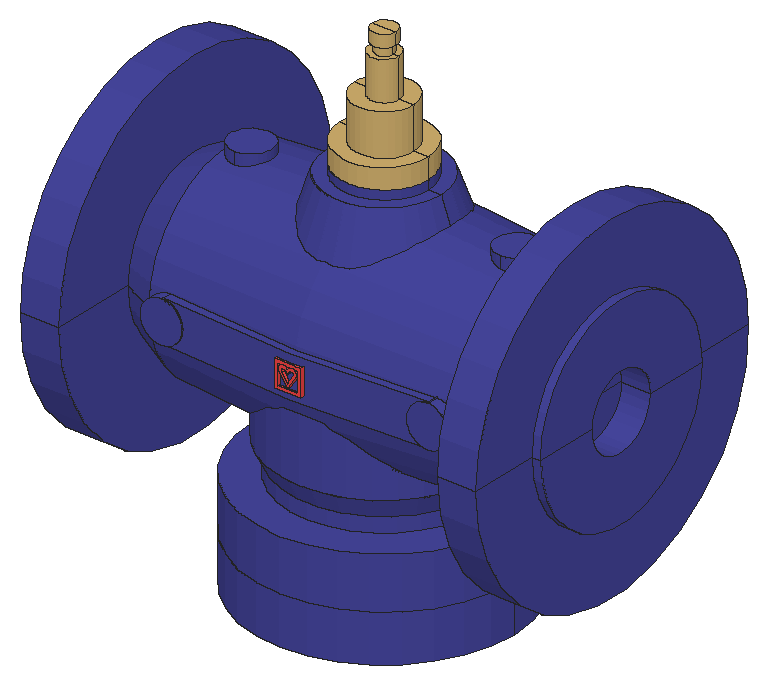
Revit family "Клапан проходной регулирующий, фланцевый F 4035_PN16", category Rohrzubehör, Revit 2021
Family settings
  Bemaßung runder Anschluss = Durchmesser verwenden
  Teiletyp = Unterbricht
  OmniClass-Nummer = 23.65.55.14
  OmniClass-Titel = Valves for Liquid Services
  Arbeitsebenenbasiert = Nein
  Immer vertikal = Ja
  Beim Laden mit Abzugskörper schneiden = Nein
  Gemeinsam genutzt = Nein
Parameters (values of type "kvs6.3")
  Среда = "Качество очистки воды должно соответствовать нормам ÖNORM H 5195 и VDI 2035 стандартам."
  Номер заказа [instance] = if(and(kvs1, Nennweite = 15 mm), 403501, if(and(kvs1.6, Nennweite = 15 mm), 403511, if(and(kvs2.5, Nennweite = 15 mm), 403521, if(and(kvs4, Nennweite = 15 mm), 403531, if(and(kvs6.3, Nennweite = 25 mm), 403503, if(and(kvs10, Nennweite = 25 mm), 403513, if(and(kvs16, Nennweite = 32 mm), 403504, if(and(kvs25, Nennweite = 40 mm), 403505, if(and(kvs40, Nennweite = 50 mm), 403516, if(and(kvs63, Nennweite = 65 mm), 403507, if(and(kvs100, Nennweite = 80 mm), 403508, if(and(kvs160, Nennweite = 100 mm), 403509, if(and(kvs250, Nennweite = 125 mm), 403510, if(and(kvs330, Nennweite = 150 mm), 403541, 0))))))))))))))  # 403503
  Вес [instance] = size_lookup("4035_PN16", "Gewicht", 25, Nennweite)  # 8
  kvs63 = no
  kvs6.3 = yes
  kvs40 = no
  kvs4 = no
  kvs330 = no
  kvs250 = no
  kvs25 = no
  kvs2.5 = no
  kvs160 = no
  kvs16 = no
  kvs100 = no
  kvs10 = no
  kvs1.6 = no
  kvs1 = no
  Седло клапана = "WN1.4021"  # constant formula
  Конус клапана = "WN1.4021/латунь"  # constant formula
  Пропускная характеристика клапана = "равнопроцентная"  # constant formula
  Vorgabe-Ansicht = 0 mm
  URL = "www.herz-armaturen.ru"
  Шток = "WN1.4404"  # constant formula
  SCTWSEQ = "FW;SBT_TYP_FW=\"101\";2"
  SCTWCODE = "04;05;02"  # constant formula
  SCRNSEQ = "ARM;ARM_TYP=\"DURR\";2"
  SCRNCODE = "05;06;02"  # constant formula
  R14 = 4 mm  # constant formula
  R13 = 3 mm  # constant formula
  R12 = 5 mm  # constant formula
  R11 [instance] = size_lookup("4035_PN16", "R11", 18 mm, Nennweite)  # 10 mm
  R10 [instance] = size_lookup("4035_PN16", "R10", 23 mm, Nennweite)  # 15 mm
  R09 [instance] = size_lookup("4035_PN16", "R9", 49 mm, Nennweite)  # 19.5 mm
  R08 [instance] = R00 + 3 mm  # 41 mm
  R07 [instance] = size_lookup("4035_PN16", "R7", 15.5 mm, Nennweite)  # 7 mm
  R06 [instance] = size_lookup("4035_PN16", "R6", 15.5 mm, Nennweite)  # 7 mm
  R05 [instance] = size_lookup("4035_PN16", "R5", 62.5 mm, Nennweite)  # 35.5 mm
  R04 [instance] = size_lookup("4035_PN16", "R4", 59.5 mm, Nennweite)  # 32.5 mm
  R03 [instance] = size_lookup("4035_PN16", "R3", 43 mm, Nennweite)  # 44 mm
  R02 [instance] = size_lookup("4035_PN16", "R2", 43 mm, Nennweite)  # 19.5 mm
  R01 [instance] = size_lookup("4035_PN16", "R1", 55.5 mm, Nennweite)  # 28.5 mm
  R00 [instance] = size_lookup("4035_PN16", "R", 65 mm, Nennweite)  # 38 mm
  PN = 16  # constant formula
  Nennweite [instance] = 25 mm
  Мин. рабочая температура = 5 °C  # constant formula
  Макс. рабочая температура = 150 °C  # constant formula
  Макс. рабочее давление = 1600000.0 Pa  # constant formula
  LO1 [instance] = size_lookup("4035_PN16", "LO1", 28.5 mm, Nennweite)  # 40 mm
  L07 [instance] = L06 - R06  # 45 mm
  L06 [instance] = size_lookup("4035_PN16", "L6", 110 mm, Nennweite)  # 52 mm
  L05 [instance] = D00  # 57.5 mm
  L03 = 10 mm  # constant formula
  L02 [instance] = size_lookup("4035_PN16", "L2", 15 mm, Nennweite)  # 13 mm
  L01 = 3 mm  # constant formula
  L00 [instance] = size_lookup("4035_PN16", "L", 145 mm, Nennweite)  # 80 mm
  Hersteller = "Herz-Armaturen GmbH"  # constant formula
  H18 [instance] = 17.5 mm  # constant formula
  H15 = 4 mm  # constant formula
  H14 [instance] = size_lookup("4035_PN16", "H14", 17 mm, Nennweite)  # 13 mm
  H13 [instance] = size_lookup("4035_PN16", "H13", 18 mm, Nennweite)  # 14 mm
  H12 [instance] = size_lookup("4035_PN16", "H12", 10.5 mm, Nennweite)  # 6.8 mm
  H11 [instance] = size_lookup("4035_PN16", "H11", 52.5 mm, Nennweite)  # 40.8 mm
  H10 [instance] = size_lookup("4035_PN16", "H10", 135.4 mm, Nennweite)  # 88.3 mm
  H09 = 3 mm  # constant formula
  H08 [instance] = size_lookup("4035_PN16", "H8", 79 mm, Nennweite)  # 44.5 mm
  H07 [instance] = R00  # 38 mm
  H06 [instance] = size_lookup("4035_PN16", "H6", 59 mm, Nennweite)  # 35 mm
  H05 [instance] = size_lookup("4035_PN16", "H5", 20 mm, Nennweite)  # 5 mm
  H04 [instance] = size_lookup("4035_PN16", "H4", 17 mm, Nennweite)  # 15 mm
  H02 [instance] = size_lookup("4035_PN16", "H2", 38 mm, Nennweite)  # 3 mm
  H03 [instance] = size_lookup("4035_PN16", "H3", 112 mm, Nennweite)  # 64 mm
  H01 [instance] = size_lookup("4035_PN16", "H1", 14 mm, Nennweite)  # 16 mm
  Корпус = "EN-GJL-250 (EN 1561)"  # constant formula
  Материал уплотнения = "70EPDM"  # constant formula
  DN80 [instance] = Nennweite = 80 mm  # no
  DN65 [instance] = Nennweite = 65 mm  # no
  DN50 [instance] = Nennweite = 50 mm  # no
  DN40 [instance] = Nennweite = 40 mm  # no
  DN32 [instance] = Nennweite = 32 mm  # no
  DN25 [instance] = Nennweite = 25 mm  # yes
  DN150 [instance] = Nennweite = 150 mm  # no
  DN15 [instance] = Nennweite = 15 mm  # no
  DN125 [instance] = Nennweite = 125 mm  # no
  DN100 [instance] = Nennweite = 100 mm  # no
  D02 [instance] = Nennweite / 2  # 12.5 mm
  D01 [instance] = size_lookup("4035_PN16", "D1", 61 mm, Nennweite)  # 34 mm
  D00 [instance] = size_lookup("4035_PN16", "D", 92.5 mm, Nennweite)  # 57.5 mm
  Description = ""
  Область применения = "Клапан может использоваться в системах отопления, вентиляции и кондиционирования воздуха, в производственных и технологических процессах. Пропускная характеристика клапана - равнопроцентная. Соотношение регулирования (соотношение между пропускной способностью при номинальной высоте хода Kvs и минимальным значением пропускной способности, при которой погрешность регулирования находится в пределах номинального допуска Kvmin) - 30. Выбор проходного фланцевого клапана осущетвляется в соответствии с диаграммой значений kvs."
  Фланцевое соединение = "EN 1092-2"  # constant formula
Types (15, lengths in mm): name | Номер заказа | Вес | kvs63 | kvs6.3 | kvs40 | kvs4 | kvs330 | kvs250 | kvs25 | kvs2.5 | kvs160 | kvs16 | kvs100 | kvs10 | kvs1.6 | kvs1 | R11 | R10 | R09 | R08 | R07 | R06 | R05 | R04 | R03 | R02 | R01 | R00 | Nennweite | LO1 | L07 | L06 | L05 | L02 | L00 | H14 | H13 | H12 | H11 | H10 | H08 | H07 | H06 | H05 | H04 | H02 | H03 | H01 | DN80 | DN50 | DN40 | DN32 | DN25 | DN150 | DN15 | DN125 | DN100 | D02 | D01 | D00
  (no name) | 403503 | 8 | no | yes | no | no | no | no | no | no | no | no | no | no | no | no | 10 | 15 | 19.5 | 41 | 7 | 7 | 35.5 | 32.5 | 44 | 19.5 | 28.5 | 38 | 25 | 40 | 45 | 52 | 57.5 | 13 | 80 | 13 | 14 | 6.8 | 40.8 | 88.3 | 44.5 | 38 | 35 | 5 | 15 | 3 | 64 | 16 | no | no | no | no | yes | no | no | no | no | 12.5 | 34 | 57.5
  kvs1 | 403501 | 5 | no | no | no | no | no | no | no | no | no | no | no | no | no | yes | 10 | 15 | 19.5 | 29.5 | 6 | 6 | 24 | 21 | 32.5 | 14 | 17 | 26.5 | 15 | 27.5 | 34 | 40 | 47.5 | 11 | 65 | 13 | 14 | 6.8 | 40.8 | 80.3 | 36.5 | 26.5 | 24.5 | 5 | 13 | 11 | 49 | 14 | no | no | no | no | no | no | yes | no | no | 7.5 | 22.5 | 47.5
  kvs1.6 | 403511 | 5 | no | no | no | no | no | no | no | no | no | no | no | no | yes | no | 10 | 15 | 19.5 | 29.5 | 6 | 6 | 24 | 21 | 32.5 | 14 | 17 | 26.5 | 15 | 27.5 | 34 | 40 | 47.5 | 11 | 65 | 13 | 14 | 6.8 | 40.8 | 80.3 | 36.5 | 26.5 | 24.5 | 5 | 13 | 11 | 49 | 14 | no | no | no | no | no | no | yes | no | no | 7.5 | 22.5 | 47.5
  kvs2.5 | 403521 | 5 | no | no | no | no | no | no | no | yes | no | no | no | no | no | no | 10 | 15 | 19.5 | 29.5 | 6 | 6 | 24 | 21 | 32.5 | 14 | 17 | 26.5 | 15 | 27.5 | 34 | 40 | 47.5 | 11 | 65 | 13 | 14 | 6.8 | 40.8 | 80.3 | 36.5 | 26.5 | 24.5 | 5 | 13 | 11 | 49 | 14 | no | no | no | no | no | no | yes | no | no | 7.5 | 22.5 | 47.5
  kvs4 | 403531 | 5 | no | no | no | yes | no | no | no | no | no | no | no | no | no | no | 10 | 15 | 19.5 | 29.5 | 6 | 6 | 24 | 21 | 32.5 | 14 | 17 | 26.5 | 15 | 27.5 | 34 | 40 | 47.5 | 11 | 65 | 13 | 14 | 6.8 | 40.8 | 80.3 | 36.5 | 26.5 | 24.5 | 5 | 13 | 11 | 49 | 14 | no | no | no | no | no | no | yes | no | no | 7.5 | 22.5 | 47.5
  kvs6.3 | 403503 | 8 | no | yes | no | no | no | no | no | no | no | no | no | no | no | no | 10 | 15 | 19.5 | 41 | 7 | 7 | 35.5 | 32.5 | 44 | 19.5 | 28.5 | 38 | 25 | 40 | 45 | 52 | 57.5 | 13 | 80 | 13 | 14 | 6.8 | 40.8 | 88.3 | 44.5 | 38 | 35 | 5 | 15 | 3 | 64 | 16 | no | no | no | no | yes | no | no | no | no | 12.5 | 34 | 57.5
  kvs10 | 403513 | 8 | no | no | no | no | no | no | no | no | no | no | no | yes | no | no | 10 | 15 | 19.5 | 41 | 7 | 7 | 35.5 | 32.5 | 44 | 19.5 | 28.5 | 38 | 25 | 40 | 45 | 52 | 57.5 | 13 | 80 | 13 | 14 | 6.8 | 40.8 | 88.3 | 44.5 | 38 | 35 | 5 | 15 | 3 | 64 | 16 | no | no | no | no | yes | no | no | no | no | 12.5 | 34 | 57.5
  kvs16 | 403504 | 11.5 | no | no | no | no | no | no | no | no | no | yes | no | no | no | no | 10 | 15 | 20.5 | 46 | 9 | 9 | 40.5 | 37.5 | 49 | 24.5 | 33.5 | 43 | 32 | 45 | 51 | 60 | 70 | 13 | 90 | 17 | 18 | 10.5 | 52.5 | 102 | 46.5 | 43 | 39 | 15 | 15 | 4 | 84 | 16 | no | no | no | yes | no | no | no | no | no | 16 | 39 | 70
  kvs25 | 403505 | 13 | no | no | no | no | no | no | yes | no | no | no | no | no | no | no | 10 | 15 | 20.5 | 51 | 12 | 12 | 45.5 | 42.5 | 54 | 29 | 38.5 | 48 | 40 | 50 | 56 | 68 | 75 | 13 | 100 | 17 | 18 | 10.5 | 52.5 | 112 | 56.5 | 48 | 43 | 20 | 15 | 1 | 94 | 16 | no | no | yes | no | no | no | no | no | no | 20 | 44 | 75
  kvs63 | 0 | 16 | yes | no | no | no | no | no | no | no | no | no | no | no | no | no | 18 | 23 | 49 | 56 | 13.5 | 13.5 | 52.5 | 49.5 | 61 | 34 | 45.5 | 53 | 50 | 56 | 66.5 | 80 | 82.5 | 15 | 115 | 17 | 18 | 10.5 | 52.5 | 122 | 66.5 | 53 | 43 | 1 | 15 | 42 | 67 | 18 | no | yes | no | no | no | no | no | no | no | 25 | 51 | 82.5
  kvs100 | 403508 | 31 | no | no | no | no | no | no | no | no | no | no | yes | no | no | no | 18 | 23 | 49 | 76 | 15.5 | 15.5 | 70.5 | 67.5 | 79 | 51 | 63.5 | 73 | 80 | 77 | 99.5 | 115 | 100 | 17 | 155 | 17 | 18 | 10.5 | 52.5 | 168.5 | 113 | 73 | 65 | 20 | 19 | 46 | 125 | 20 | yes | no | no | no | no | no | no | no | no | 40 | 69 | 100
  kvs160 | 403509 | 46 | no | no | no | no | no | no | no | no | yes | no | no | no | no | no | 30 | 35 | 61 | 86 | 20.5 | 20.5 | 80.5 | 77.5 | 89 | 61 | 73.5 | 83 | 100 | 88 | 112.5 | 133 | 110 | 17 | 175 | 21 | 22 | 14.2 | 64.2 | 189.7 | 122.5 | 83 | 73 | 25 | 19 | 65 | 135 | 20 | no | no | no | no | no | no | no | no | yes | 50 | 79 | 110
  kvs250 | 403510 | 72 | no | no | no | no | no | yes | no | no | no | no | no | no | no | no | 30 | 35 | 61 | 101 | 20.5 | 20.5 | 95.5 | 92.5 | 104 | 76 | 88.5 | 98 | 125 | 103 | 134.5 | 155 | 125 | 19 | 200 | 21 | 22 | 14.2 | 64.2 | 231 | 163.5 | 98 | 80 | 30 | 21 | 44 | 158 | 21 | no | no | no | no | no | no | no | yes | no | 62.5 | 94 | 125
  kvs330 | 403541 | 91 | no | no | no | no | yes | no | no | no | no | no | no | no | no | no | 30 | 35 | 61 | 113 | 20.5 | 20.5 | 107.5 | 104.5 | 116 | 88 | 100.5 | 110 | 150 | 115 | 174.5 | 195 | 142.5 | 19 | 240 | 21 | 22 | 14.2 | 64.2 | 237.5 | 170 | 110 | 85 | 25 | 21 | 42 | 153 | 21 | no | no | no | no | no | yes | no | no | no | 75 | 106 | 142.5
  Kvs40 | 403516 | 16 | no | no | yes | no | no | no | no | no | no | no | no | no | no | no | 18 | 23 | 49 | 56 | 13.5 | 13.5 | 52.5 | 49.5 | 61 | 34 | 45.5 | 53 | 50 | 56 | 66.5 | 80 | 82.5 | 15 | 115 | 17 | 18 | 10.5 | 52.5 | 122 | 66.5 | 53 | 43 | 1 | 15 | 42 | 67 | 18 | no | yes | no | no | no | no | no | no | no | 25 | 51 | 82.5
Reference planes
  plane 1 "Mitte (Vorne/hinten)": y = 0
  plane 2: z = 0
  plane 3 "Mitte (Links/rechts)": x = 0
Forms (mm)
  Revolve 1, solid, material "kunststoff-BLAU", detail levels fine
    sketch origin (1065, 0, 0) x (1, 0, 0) y (0, 1, 0)
      loop
        line (-1142, 34) -> (-1145, 34) -> (-1145, 12.5) -> (-1135, 12.5) -> (-1135, 0) -> (-995, 0) -> (-995, 12.5) -> (-985, 12.5) -> (-985, 34) -> (-988, 34) -> (-988, 57.5) -> (-1001, 57.5) -> (-1001, 28.5) -> (-1013, 34.447)
        arc (-1013, 34.447) -> (-1065, 38) -> (-1117, 34.447) r 382.331
        line (-1117, 34.447) -> (-1129, 28.5) -> (-1129, 57.5) -> (-1142, 57.5) -> (-1142, 34)
      axis (-985, 0) -> (-1145, 0)
    angle from 0 to 360
  Extrusion 2, solid, material "kunststoff-BLAU", detail levels fine
    sketch origin (0, 0, 0) x (-1, 0, 0) y (0, 0, -1)
      loop
        circle (45, 0) r 7
      loop
        circle (-45, 0) r 7
    from -38 to 38
  Extrusion 3, solid, material "kunststoff-BLAU", visible <- "DN65", detail levels fine
    sketch origin (0, 0, 0) x (1, 0, 0) y (0, 1, 0)
      loop
        arc (-95, -56.907) -> (0, -68) -> (95, -56.907) r 412.331
        line (95, -56.907) -> (95, 56.907)
        arc (95, 56.907) -> (0, 68) -> (-95, 56.907) r 412.331
        line (-95, 56.907) -> (-95, -56.907)
    from -15.5 to 15.5
  Revolve 4, solid, material "kunststoff-BLAU", detail levels fine
    sketch origin (0, 0, 0) x (1, 0, 0) y (0, 0, 1)
      loop
        line (-19.5, 44.5) -> (-35.5, 0) -> (0, 0) -> (0, 47.5) -> (-15, 47.5) -> (-15, 44.5) -> (-19.5, 44.5)
      axis (0, 47.5) -> (0, 0)
    angle from 0 to 360
  Revolve 5, solid, material "kunststoff-BLAU", detail levels fine
    sketch origin (0, 0, 0) x (1, 0, 0) y (0, 0, 1)
      loop
        line (0, 0) -> (-35.5, 0) -> (-35.5, -35) -> (-32.5, -41.5) -> (-32.5, -46.5) -> (-44, -46.5) -> (-44, -64) -> (0, -64) -> (0, 0)
      axis (0, 0) -> (0, -64)
    angle from 0 to 360
  Revolve 6, solid, material "kunststoff-BLAU", detail levels fine
    sketch origin (0, 0, 0) x (1, 0, 0) y (0, 0, 1)
      loop
        line (0, -64) -> (-44, -64) -> (-44, -80) -> (0, -80) -> (0, -64)
      axis (0, -64) -> (0, -80)
    angle from 0 to 360
  Extrusion 7, solid, material "kunststoff-BLAU", detail levels fine
    sketch origin (0, 0, 0) x (0, -1, 0) y (1, 0, 0)
      loop
        circle (0, -45) r 7
      loop
        circle (0, 45) r 7
    from -38 to 38
  Extrusion 8, solid, material "kunststoff-BLAU", visible <- "DN150", detail levels fine
    sketch origin (0, 0, 0) x (1, 0, 0) y (0, 1, 0)
      loop
        arc (-179.5, -78.475) -> (0, -115) -> (179.5, -78.475) r 459.331
        line (179.5, -78.475) -> (179.5, 78.475)
        arc (179.5, 78.475) -> (0, 115) -> (-179.5, 78.475) r 459.331
        line (-179.5, 78.475) -> (-179.5, -78.475)
    from -20.5 to 20.5
  Extrusion 9, solid, material "kunststoff-BLAU", visible <- "DN125", detail levels fine
    sketch origin (0, 0, 0) x (1, 0, 0) y (0, 1, 0)
      loop
        arc (-134.5, -82.301) -> (0, -103) -> (134.5, -82.301) r 447.331
        line (134.5, -82.301) -> (134.5, 82.301)
        arc (134.5, 82.301) -> (0, 103) -> (-134.5, 82.301) r 447.331
        line (-134.5, 82.301) -> (-134.5, -82.301)
    from -20.5 to 20.5
  Extrusion 10, solid, material "kunststoff-BLAU", visible <- "DN100", detail levels fine
    sketch origin (0, 0, 0) x (1, 0, 0) y (0, 1, 0)
      loop
        arc (-112.5, -73.106) -> (0, -88) -> (112.5, -73.106) r 432.331
        line (112.5, -73.106) -> (112.5, 73.106)
        arc (112.5, 73.106) -> (0, 88) -> (-112.5, 73.106) r 432.331
        line (-112.5, 73.106) -> (-112.5, -73.106)
    from -20.5 to 20.5
  Extrusion 11, solid, material "kunststoff-BLAU", visible <- "DN80", detail levels fine
    sketch origin (0, 0, 0) x (1, 0, 0) y (0, 1, 0)
      loop
        line (99.5, -65.083) -> (99.5, 65.083)
        arc (99.5, 65.083) -> (0, 77) -> (-99.5, 65.083) r 421.331
        line (-99.5, 65.083) -> (-99.5, -65.083)
        arc (-99.5, -65.083) -> (0, -77) -> (99.5, -65.083) r 421.331
    from -15.5 to 15.5
  Extrusion 12, solid, material "kunststoff-BLAU", visible <- "DN50", detail levels fine
    sketch origin (0, 0, 0) x (1, 0, 0) y (0, 1, 0)
      loop
        arc (-66.5, -50.44) -> (0, -56.006) -> (66.5, -50.44) r 400.05
        line (66.5, -50.44) -> (66.5, 50.44)
        arc (66.5, 50.44) -> (0, 56.006) -> (-66.5, 50.44) r 400.05
        line (-66.5, 50.44) -> (-66.5, -50.44)
    from -13.5 to 13.5
  Extrusion 13, solid, material "kunststoff-BLAU", visible <- "DN40", detail levels fine
    sketch origin (0, 0, 0) x (1, 0, 0) y (0, 1, 0)
      loop
        arc (-56, -46.003) -> (0, -50) -> (56, -46.003) r 394.331
        line (56, -46.003) -> (56, 46.003)
        arc (56, 46.003) -> (0, 50) -> (-56, 46.003) r 394.331
        line (-56, 46.003) -> (-56, -46.003)
    from -12 to 12
  Extrusion 14, solid, material "kunststoff-BLAU", visible <- "DN32", detail levels fine
    sketch origin (0, 0, 0) x (1, 0, 0) y (0, 1, 0)
      loop
        arc (-51, -41.645) -> (0, -45) -> (51, -41.645) r 389.331
        line (51, -41.645) -> (51, 41.645)
        arc (51, 41.645) -> (0, 45) -> (-51, 41.645) r 389.331
        line (-51, 41.645) -> (-51, -41.645)
    from -9 to 9
  Extrusion 15, solid, material "kunststoff-BLAU", visible <- "DN25", detail levels fine
    sketch origin (0, 0, 0) x (1, 0, 0) y (0, 1, 0)
      loop
        line (45, -37.356) -> (45, 37.356)
        arc (45, 37.356) -> (0, 40) -> (-45, 37.356) r 384.331
        line (-45, 37.356) -> (-45, -37.356)
        arc (-45, -37.356) -> (0, -40) -> (45, -37.356) r 384.331
    from -7 to 7
  Extrusion 16, solid, material "kunststoff-BLAU", visible <- "DN15", detail levels fine
    sketch origin (0, 0, 0) x (1, 0, 0) y (0, 1, 0)
      loop
        line (-34, 25.942) -> (-34, -25.942)
        arc (-34, -25.942) -> (0, -27.5) -> (34, -25.942) r 371.831
        line (34, -25.942) -> (34, 25.942)
        arc (34, 25.942) -> (0, 27.5) -> (-34, 25.942) r 371.831
    from -6 to 6
  Revolve 17, solid, material "Messing-poliert", detail levels fine
    sketch origin (0, 0, 0) x (1, 0, 0) y (0, 0, 1)
      loop
        line (-15, 54.3) -> (-15, 47.5) -> (0, 47.5) -> (0, 88.3) -> (-4, 88.3) -> (-4, 84.3) -> (-3, 84.3) -> (-3, 81.3) -> (-5, 81.3) -> (-5, 68.3) -> (-10, 68.3) -> (-10, 54.3) -> (-15, 54.3)
      axis (0, 88.3) -> (0, 47.5)
    angle from 0 to 360
Lines and regions (mm)
  model lines, detail levels coarse+medium
    curve 1: line (80, 0, 57.5) -> (80, 0, -57.5)
    curve 2: line (80, 0, -57.5) -> (-80, 0, 57.5)
    curve 3: line (-80, 0, 57.5) -> (-80, 0, -57.5)
    curve 4: line (-80, 0, -57.5) -> (80, 0, 57.5)
    curve 5: line (80, 57.5, 0) -> (80, -57.5, 0)
    curve 6: line (80, -57.5, 0) -> (-80, 57.5, 0)
    curve 7: line (-80, 57.5, 0) -> (-80, -57.5, 0)
    curve 8: line (-80, -57.5, 0) -> (80, 57.5, 0)
Dimensions and locks
  "L00": Revolve 1 sketch curve to plane 3 "Mitte (Links/rechts)" to Revolve 1 sketch curve
  "D00": plane 1 "Mitte (Vorne/hinten)" to Revolve 1 sketch curve  (x2)
  "D02": plane 1 "Mitte (Vorne/hinten)" to Revolve 1 sketch curve  (x2)
  "L01": Revolve 1 sketch curve to Revolve 1 sketch curve  (x2)
  "L02": Revolve 1 sketch curve to Revolve 1 sketch curve  (x2)
  "D01": plane 1 "Mitte (Vorne/hinten)" to Revolve 1 sketch curve  (x2)
  "R01": plane 1 "Mitte (Vorne/hinten)" to Revolve 1 sketch curve  (x2)
  "R00": Revolve 1 sketch curve to Revolve 1 sketch curve
  "L03": Revolve 1 sketch curve to Revolve 1 sketch curve  (x2)
  "H01": Revolve 6 sketch curve to Revolve 6 sketch curve
  "R03": plane 3 "Mitte (Links/rechts)" to Revolve 6 sketch curve
  "R03": Revolve 5 sketch curve to Revolve 5 sketch curve
  "H03": plane 2 to Revolve 5 sketch curve
  "H06": Revolve 5 sketch curve to Revolve 5 sketch curve
  "R04": Revolve 5 sketch curve to Revolve 5 sketch curve
  "R05": Revolve 5 sketch curve to Revolve 5 sketch curve
  "H05": Revolve 5 sketch curve to Revolve 5 sketch curve
  "L06": Revolve 1 sketch curve to plane 3 "Mitte (Links/rechts)" to Revolve 1 sketch curve
  "H03": plane 2 to Revolve 6 sketch curve
  "R09": Revolve 4 sketch curve to Revolve 4 sketch curve
  "R05": Revolve 4 sketch curve to Revolve 4 sketch curve
  "H07": Extrusion 7 to plane 2 to Extrusion 7  (x2)
  "L07": plane 3 "Mitte (Links/rechts)" to Extrusion 7 sketch curve
  "L07": Extrusion 7 sketch curve to plane 3 "Mitte (Links/rechts)"
  "H07": Extrusion 2 to plane 1 "Mitte (Vorne/hinten)"  (x3)
  "L07": plane 3 "Mitte (Links/rechts)" to Extrusion 2 sketch curve
  "L07": Extrusion 2 sketch curve to plane 3 "Mitte (Links/rechts)"
  "H07": plane 1 "Mitte (Vorne/hinten)" to Extrusion 2
  "H08": Revolve 4 sketch curve to plane 2
  "H09": Revolve 4 sketch curve to Revolve 4 sketch curve
  "R10": plane 3 "Mitte (Links/rechts)" to Revolve 4 sketch curve
  "H11": Revolve 17 sketch curve to Revolve 17 sketch curve
  "H10": Revolve 17 sketch curve to plane 2
  "R10": plane 3 "Mitte (Links/rechts)" to Revolve 17 sketch curve
  "H12": Revolve 17 sketch curve to Revolve 17 sketch curve
  "H13": Revolve 17 sketch curve to Revolve 17 sketch curve
  "H14": Revolve 17 sketch curve to Revolve 17 sketch curve
  "H15": Revolve 17 sketch curve to Revolve 17 sketch curve
  "R14": plane 3 "Mitte (Links/rechts)" to Revolve 17 sketch curve
  "R13": plane 3 "Mitte (Links/rechts)" to Revolve 17 sketch curve
  "R11": plane 3 "Mitte (Links/rechts)" to Revolve 17 sketch curve
  "R12": plane 3 "Mitte (Links/rechts)" to Revolve 17 sketch curve
  "LO1": nested 1 to plane 1 "Mitte (Vorne/hinten)"
  "H18": Revolve 5 sketch curve to Revolve 6
  "D00": curve 3 to plane 2 to curve 4
  "D00": curve 4 to plane 2 to curve 2
  "L00": curve 3 to plane 3 "Mitte (Links/rechts)" to curve 1
  "D00": curve 8 to plane 1 "Mitte (Vorne/hinten)" to curve 7
  "D00": curve 5 to plane 1 "Mitte (Vorne/hinten)" to curve 8
  "L00": curve 7 to plane 3 "Mitte (Links/rechts)" to curve 5
  "R06": radius of Extrusion 7 sketch curve  (x2)
  "R07": radius of Extrusion 2 sketch curve  (x2)
  aligned and locked: level to plane 2
Automatic sketch dimensions
  Extrusion 3 sketch curve to plane 1 "Mitte (Vorne/hinten)" = 56.907 mm  (x2)
  Extrusion 3 sketch curve to plane 3 "Mitte (Links/rechts)" = 0 mm  (x2)
  Extrusion 3 sketch curve to Extrusion 3 sketch curve = 113.814 mm
  Extrusion 3 sketch curve to Extrusion 3 sketch curve = 287.425 mm
  Extrusion 3 sketch curve to plane 1 "Mitte (Vorne/hinten)" = 344.331 mm
  plane 3 "Mitte (Links/rechts)" to Extrusion 3 sketch curve = 95 mm
  Extrusion 8 sketch curve to plane 3 "Mitte (Links/rechts)" = 0 mm  (x2)
  Extrusion 8 sketch curve to plane 1 "Mitte (Vorne/hinten)" = 78.475 mm  (x2)
  plane 1 "Mitte (Vorne/hinten)" to Extrusion 8 sketch curve = 78.475 mm
  Extrusion 8 sketch curve to plane 3 "Mitte (Links/rechts)" = 179.5 mm
  Extrusion 8 sketch curve to Extrusion 8 sketch curve = 265.857 mm
  Extrusion 8 sketch curve to plane 1 "Mitte (Vorne/hinten)" = 344.331 mm
  plane 3 "Mitte (Links/rechts)" to Extrusion 9 sketch curve = 134.5 mm
  plane 1 "Mitte (Vorne/hinten)" to Extrusion 9 sketch curve = 82.301 mm  (x2)
  Extrusion 9 sketch curve to plane 3 "Mitte (Links/rechts)" = 0 mm  (x2)
  Extrusion 9 sketch curve to Extrusion 9 sketch curve = 262.031 mm  (x2)
  Extrusion 9 sketch curve to plane 1 "Mitte (Vorne/hinten)" = 82.301 mm
  Extrusion 10 sketch curve to plane 3 "Mitte (Links/rechts)" = 0 mm  (x2)
  plane 1 "Mitte (Vorne/hinten)" to Extrusion 10 sketch curve = 73.106 mm
  Extrusion 10 sketch curve to plane 3 "Mitte (Links/rechts)" = 112.5 mm
  Extrusion 10 sketch curve to Extrusion 10 sketch curve = 271.225 mm
  Extrusion 10 sketch curve to plane 1 "Mitte (Vorne/hinten)" = 344.331 mm
  Extrusion 10 sketch curve to plane 1 "Mitte (Vorne/hinten)" = 73.106 mm  (x2)
  Extrusion 11 sketch curve to plane 3 "Mitte (Links/rechts)" = 0 mm  (x2)
  plane 1 "Mitte (Vorne/hinten)" to Extrusion 11 sketch curve = 65.083 mm  (x2)
  Extrusion 11 sketch curve to plane 3 "Mitte (Links/rechts)" = 99.5 mm
  Extrusion 11 sketch curve to Extrusion 11 sketch curve = 279.249 mm
  Extrusion 11 sketch curve to plane 1 "Mitte (Vorne/hinten)" = 344.331 mm
  Extrusion 11 sketch curve to plane 1 "Mitte (Vorne/hinten)" = 65.083 mm
  Extrusion 12 sketch curve to plane 3 "Mitte (Links/rechts)" = 0 mm  (x2)
  Extrusion 12 sketch curve to plane 3 "Mitte (Links/rechts)" = 66.5 mm
  plane 3 "Mitte (Links/rechts)" to Extrusion 12 sketch curve = 66.5 mm
  plane 1 "Mitte (Vorne/hinten)" to Extrusion 12 sketch curve = 344.044 mm
  plane 1 "Mitte (Vorne/hinten)" to Extrusion 12 sketch curve = 50.44 mm
  Extrusion 12 sketch curve to plane 1 "Mitte (Vorne/hinten)" = 50.44 mm
  Extrusion 12 sketch curve to Extrusion 12 sketch curve = 293.604 mm
  Extrusion 13 sketch curve to plane 3 "Mitte (Links/rechts)" = 0 mm  (x2)
  Extrusion 13 sketch curve to plane 3 "Mitte (Links/rechts)" = 56 mm
  plane 3 "Mitte (Links/rechts)" to Extrusion 13 sketch curve = 56 mm
  plane 1 "Mitte (Vorne/hinten)" to Extrusion 13 sketch curve = 344.331 mm
  plane 1 "Mitte (Vorne/hinten)" to Extrusion 13 sketch curve = 46.003 mm
  Extrusion 13 sketch curve to plane 1 "Mitte (Vorne/hinten)" = 46.003 mm
  Extrusion 13 sketch curve to Extrusion 13 sketch curve = 298.328 mm
  Extrusion 14 sketch curve to plane 3 "Mitte (Links/rechts)" = 0 mm  (x2)
  Extrusion 14 sketch curve to plane 3 "Mitte (Links/rechts)" = 51 mm
  plane 3 "Mitte (Links/rechts)" to Extrusion 14 sketch curve = 51 mm
  plane 1 "Mitte (Vorne/hinten)" to Extrusion 14 sketch curve = 344.331 mm
  plane 1 "Mitte (Vorne/hinten)" to Extrusion 14 sketch curve = 41.645 mm
  Extrusion 14 sketch curve to plane 1 "Mitte (Vorne/hinten)" = 41.645 mm
  Extrusion 14 sketch curve to Extrusion 14 sketch curve = 302.686 mm
  Extrusion 15 sketch curve to plane 3 "Mitte (Links/rechts)" = 0 mm  (x2)
  Extrusion 15 sketch curve to plane 3 "Mitte (Links/rechts)" = 45 mm
  plane 3 "Mitte (Links/rechts)" to Extrusion 15 sketch curve = 45 mm
  plane 1 "Mitte (Vorne/hinten)" to Extrusion 15 sketch curve = 344.331 mm
  plane 1 "Mitte (Vorne/hinten)" to Extrusion 15 sketch curve = 37.356 mm
  Extrusion 15 sketch curve to plane 1 "Mitte (Vorne/hinten)" = 37.356 mm
  Extrusion 15 sketch curve to Extrusion 15 sketch curve = 306.975 mm
  Extrusion 16 sketch curve to plane 3 "Mitte (Links/rechts)" = 0 mm  (x2)
  Extrusion 16 sketch curve to plane 3 "Mitte (Links/rechts)" = 34 mm
  plane 3 "Mitte (Links/rechts)" to Extrusion 16 sketch curve = 34 mm
  plane 1 "Mitte (Vorne/hinten)" to Extrusion 16 sketch curve = 344.331 mm
  plane 1 "Mitte (Vorne/hinten)" to Extrusion 16 sketch curve = 25.942 mm
  Extrusion 16 sketch curve to plane 1 "Mitte (Vorne/hinten)" = 25.942 mm
  Extrusion 16 sketch curve to Extrusion 16 sketch curve = 318.389 mm
  plane 1 "Mitte (Vorne/hinten)" to Revolve 1 sketch curve = 0 mm  (x2)
  Revolve 1 sketch curve to plane 3 "Mitte (Links/rechts)" = 0 mm
  plane 1 "Mitte (Vorne/hinten)" to Revolve 1 sketch curve = 344.331 mm
  Revolve 1 sketch curve to Revolve 1 sketch curve = 1855 mm  (x2)
  Extrusion 2 sketch curve to level = 0 mm  (x2)
  Revolve 4 sketch curve to level = 0 mm
  Revolve 4 sketch curve to plane 3 "Mitte (Links/rechts)" = 0 mm  (x2)
  Revolve 4 sketch curve to Revolve 4 sketch curve = 366.045 mm
  Revolve 4 sketch curve to Revolve 4 sketch curve = 2132.315 mm
  Revolve 5 sketch curve to level = 0 mm
  Revolve 5 sketch curve to plane 3 "Mitte (Links/rechts)" = 0 mm  (x2)
  Revolve 5 sketch curve to Revolve 5 sketch curve = 254.045 mm
  level to Revolve 5 sketch curve = 2214.315 mm
  Revolve 6 sketch curve to plane 3 "Mitte (Links/rechts)" = 0 mm  (x2)
  Revolve 6 sketch curve to Revolve 6 sketch curve = 0 mm
  level to Revolve 6 sketch curve = 2214.315 mm
  plane 1 "Mitte (Vorne/hinten)" to Extrusion 7 sketch curve = 0 mm  (x2)
  Revolve 17 sketch curve to plane 3 "Mitte (Links/rechts)" = 0 mm  (x2)
  Revolve 17 sketch curve to level = 366.045 mm
  Revolve 17 sketch curve to Revolve 17 sketch curve = 2079.815 mm
Nested families
  nested 1: "Herz-Logo-vorne" at (-0.018, -40, 0) x (0, 1, 0) z (0, 0, 1), type "Herz-Logo-vorne", detail levels fine
Connectors
  piping at (-80, 0, 0), diameter 25, driven by "Nennweite"
    settings: on Revolve 1, index 1, connector inside diameter 609.6 mm, connector length 0 mm, flow factor 0, pipe flow 0.0 L/s, pressure drop 0.0 Pa, fitting loss kfactor 0, connector angle 0.00°, fixture units 0, engagement length 0 mm, angle of deflection 0.00°, flow configuration 0, flow direction 1, fitting loss method 0, system type 29, joint type 0, gender type 0, connector reference index -1, connector utility 0, adjustable connector no, is connector primary yes, connector description ""
  piping at (80, 0, 0), diameter 25, driven by "Nennweite"
    settings: on Revolve 1, index 2, connector inside diameter 609.6 mm, connector length 0 mm, flow factor 0, pipe flow 0.0 L/s, pressure drop 0.0 Pa, fitting loss kfactor 0, connector angle 0.00°, fixture units 0, engagement length 0 mm, angle of deflection 0.00°, flow configuration 0, flow direction 2, fitting loss method 0, system type 29, joint type 0, gender type 0, connector reference index -1, connector utility 0, adjustable connector no, is connector primary no, connector description ""
Definition of nested family "Herz-Logo-vorne"
  Parameters (values of type "Herz-Logo-vorne")
    Default Elevation = 0 mm
  Reference planes
    plane 1 "Mitte (Vorne/hinten)": y = 0
    plane 2: z = 0
    plane 3 "Mitte (Links/rechts)": x = 0
  Forms (mm)
    Extrusion 1, solid
      sketch origin (0.732, -0.018, 0.017) x (0, -1, 0) y (0, 0, 1)
        loop
          line (-0.018, -4.517) -> (4.482, -4.517) -> (4.482, 4.483) -> (-4.518, 4.483) -> (-4.518, -4.517) -> (-0.018, -4.517)
        loop
          line (-0.05, -3.48) -> (3.482, -3.48) -> (3.482, 3.483) -> (-3.518, 3.483) -> (-3.518, -3.48) -> (-0.05, -3.48)
        loop
          arc (-0.018, 2.383) -> (-1.543, 3.287) -> (-3.067, 2.383) r 1.738
          arc (-3.067, 2.383) -> (-3.191, 1.899) -> (-3.067, 1.415) r 1.009
          line (-3.067, 1.415) -> (-0.018, -3.281) -> (3.032, 1.415)
          arc (3.032, 1.415) -> (3.156, 1.899) -> (3.032, 2.383) r 1.009
          arc (3.032, 2.383) -> (1.507, 3.287) -> (-0.018, 2.383) r 1.738
        loop
          arc (1.885, 1.272) -> (2.005, 1.675) -> (1.885, 2.079) r 0.74
          arc (1.885, 2.079) -> (1.265, 2.416) -> (0.644, 2.079) r 0.74
          line (0.644, 2.079) -> (-0.018, 0.97) -> (-0.679, 2.079)
          arc (-0.679, 2.079) -> (-1.3, 2.416) -> (-1.921, 2.079) r 0.74
          arc (-1.921, 2.079) -> (-2.04, 1.675) -> (-1.921, 1.272) r 0.74
          line (-1.921, 1.272) -> (-0.018, -1.658) -> (1.885, 1.272)
      from 0 to 1.5
  Dimensions and locks
    aligned and locked: level to plane 2
